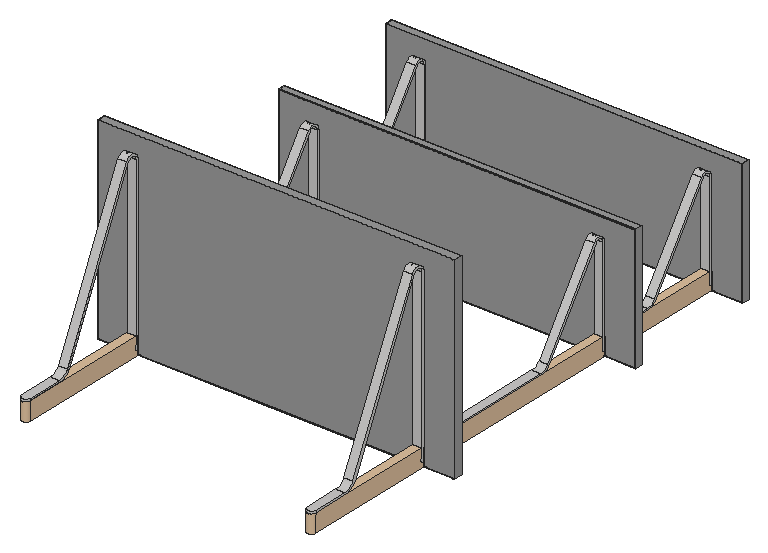
Revit family "Artek_Shelving_Kaari Wall Shelf with Desk_Kaari REB013", category Furniture, host Face, Revit 2017
Family settings
  Host = Face
  OmniClass Number = 23.40.20.27
  OmniClass Title = Storage Shelving
  Cut with Voids When Loaded = No
  Shared = No
  Room Calculation Point = No
Parameters (values of type "Kaari Shelf with desk REB013")
  WarrantyStartDate [instance] = "n/a"
  WarrantyGuarantorParts = "n/a"
  WarrantyGuarantorLabor = "n/a"
  WarrantyDurationUnit = "Years"
  WarrantyDurationParts = "n/a"
  WarrantyDurationLabor = "n/a"
  WarrantyDescription = "n/a"
  VersionDate = "11/3/2020"  # constant formula
  Version = "1"  # constant formula
  Uniclass2015Reference = "Pr_40_30_78_77"
  Uniclass2015Description = "Shelf units"
  Uniclass2 = "Pr_40_30_78_77"
  URL = "https://www.artek.fi/en/products/kaari-wall-shelf-with-desk"
  Type Comments = ""
  TagNumber [instance] = "n/a"
  SustainabilityPerformance = "n/a"
  Style = "n/a"
  Size = "1000x1420x550 mm"
  ShelfTopMaterial = Melamine
  Shape = "Sculptured"
  SerialNumber [instance] = "n/a"
  Revision = "n/a"
  ReplacementCost = "n/a"
  ProductInformation = "n/a"
  Product data url = ""
  NominalWidth = 550 mm
  NominalHeight = 1000 mm
  NominalDepth = 1415.7 mm
  Name = "Kaari REB013"
  NBSReference = "45-35-80/310"
  NBSDescription = "Shelf units"
  ModelReference = "n/a"
  ModelNumber = "28503501"
  Model = "Kaari REB013"
  Material = "Wood/Steel"
  ManufacturerURL = "https://www.artek.fi/"
  ManufacturerName = "Artek"
  Manufacturer = "Artek"
  MainColor = "Black"
  LegsMaterial = Solid oak
  InstallationDate [instance] = "n/a"
  IfcExportType = "SHELF"  # constant formula
  IfcExportAs = "IfcFurnitureType"  # constant formula
  Grade = "n/a"
  Finish = "n/a"
  Features = "n/a"
  ExpectedLife = "n/a"
  DurationUnit = "Years"
  Designer = "Ronan & Erwan Bouroullec"
  Description = ""
  Default Elevation = 0 mm
  ConvergoRefNr = "0190-2009-0038-FI"  # constant formula
  Constituents = "n/a"
  Color = "Black"
  Collection = "Kaari Collection"
  CodePerformance = "n/a"
  Category = "Shelves"
  Brand = "Artek"
  Barcode [instance] = "n/a"
  BIMObjectName = "Artek_Shelving_Kaari Wall Shelf with Desk_Kaari REB013"  # constant formula
  Author = "Convergo AB"  # constant formula
  AssetType = "Movable"
  AssetIdentifier [instance] = "n/a"
  Assembly Code = ""
  AccessibilityPerformance = "n/a"
Reference planes
  plane 1 "Center (Front/Back)": y = 0
  plane 2: z = 0
  plane 3 "Center (Left/Right)": x = 0
  plane 4: y = 707.85
  plane 5: y = -707.85
  plane 6: x = -500
  plane 7: x = 500
  plane 8: z = 550
Dimensions and locks
  equal spacing: plane 5, plane 1 "Center (Front/Back)", plane 4
  "NominalDepth": plane 5 to plane 4
  equal spacing: plane 6, plane 3 "Center (Left/Right)", plane 7
  "NominalHeight": plane 6 to plane 7
  "NominalWidth": plane 8 to level
  aligned and locked: plane 2 to host face
  aligned and locked: level to host face
Automatic sketch dimensions
  host sketch curve to host sketch curve = 2438.4 mm  (x2)
Nested families
  nested 1: "kaari_shelf_reb013" at (0, -707.85, 0) x (-1, 0, 0) z (0, 1, 0), Legs <- "LegsMaterial", Shelf <- "ShelfTopMaterial", type "kaari_shelf_reb013"
    with ShelfFrame ABS, Shelf Melamine, LegsFrame Flat rolled steel, Legs Solid oak
Definition of nested family "kaari_shelf_reb013"
  Parameters (values of type "kaari_shelf_reb013")
    ShelfFrame [instance] = none
    Shelf [instance] = none
    LegsFrame [instance] = none
    Legs [instance] = none
    Default Elevation = 1219.2 mm
  Reference planes
    plane 1 "Center (Front/Back)": y = 0
    plane 2: z = 0
    plane 3 "Center (Left/Right)": x = 0
  Forms (mm)
    Extrusion 1, solid, material <- "Shelf", detail levels medium+fine
      sketch origin (0, 0, 0) x (1, 0, 0) y (0, 1, 0)
        loop
          line (-499, -349) -> (499, -349) -> (499, -1) -> (413.5, -1) -> (413.5, -51) -> (386.5, -51) -> (386.5, -1) -> (13.5, -1) -> (-387.5, -1) -> (-387.5, -51) -> (-413.5, -51) -> (-413.5, -1) -> (-499, -1) -> (-499, -349)
      from 1393.73 to 1415.7
    Extrusion 2, solid, material <- "Legs", detail levels medium+fine
      sketch origin (0, 0, 0) x (1, 0, 0) y (0, 0, 1)
        loop
          arc (-412.5, 12.5) -> (-400, 0) -> (-387.5, 12.5) r 12.5
          line (-387.5, 12.5) -> (-387.5, 1415.7) -> (-412.5, 1415.7) -> (-412.5, 12.5)
        loop
          line (412.5, 12.5) -> (412.5, 1415.7) -> (387.5, 1415.7) -> (387.5, 12.5)
          arc (387.5, 12.5) -> (400, 0) -> (412.5, 12.5) r 12.5
      from 0 to 50
    Extrusion 3, solid, material <- "LegsFrame", detail levels medium+fine
      sketch origin (0, 0, 0) x (0, 1, 0) y (0, 0, 1)
        loop
          line (-298.43, 1361.03) -> (-65.793, 1198.135)
          arc (-65.793, 1198.135) -> (-56.39, 1187.413) -> (-53, 1173.56) r 30
          line (-53, 1173.56) -> (-53, 1019.7) -> (-288.129, 1019.7)
          arc (-288.129, 1019.7) -> (-305.257, 1007.141) -> (-298.43, 987.03) r 17.959
          line (-298.43, 987.03) -> (-65.793, 824.135)
          arc (-65.793, 824.135) -> (-56.39, 813.413) -> (-53, 799.56) r 30
          line (-53, 799.56) -> (-53, 387.7) -> (-491.085, 387.7)
          arc (-491.085, 387.7) -> (-510.572, 372.199) -> (-499.852, 349.724) r 20
          line (-499.852, 349.724) -> (-73.167, 141.615)
          arc (-73.167, 141.615) -> (-60.426, 130.143) -> (-55.7, 113.663) r 31.1
          line (-55.7, 113.663) -> (-55.7, 0) -> (-51.2, 0) -> (-51.2, 115.696)
          arc (-51.2, 115.696) -> (-56.25, 133.309) -> (-69.866, 145.569) r 33.236
          line (-69.866, 145.569) -> (-498.276, 354.518)
          arc (-498.276, 354.518) -> (-506.316, 371.374) -> (-491.7, 383) r 15
          line (-491.7, 383) -> (-26.77, 383)
          arc (-26.77, 383) -> (-24.939, 382.623) -> (-23.404, 381.555) r 4.641
          arc (-23.404, 381.555) -> (-13.897, 385.35) -> (-23.404, 389.145) r 5.511
          arc (-23.404, 389.145) -> (-24.939, 388.077) -> (-26.77, 387.7) r 4.641
          line (-26.77, 387.7) -> (-50, 387.7) -> (-50, 799.44)
          arc (-50, 799.44) -> (-53.755, 814.784) -> (-64.17, 826.661) r 33.23
          line (-64.17, 826.661) -> (-296.604, 989.413)
          arc (-296.604, 989.413) -> (-302.306, 1006.211) -> (-288, 1016.7) r 15
          line (-288, 1016.7) -> (-26.77, 1016.7)
          arc (-26.77, 1016.7) -> (-24.939, 1016.323) -> (-23.404, 1015.255) r 4.641
          arc (-23.404, 1015.255) -> (-16.026, 1018.2) -> (-23.404, 1021.145) r 4.277
          arc (-23.404, 1021.145) -> (-24.939, 1020.077) -> (-26.77, 1019.7) r 4.641
          line (-26.77, 1019.7) -> (-50, 1019.7) -> (-50, 1173.44)
          arc (-50, 1173.44) -> (-53.755, 1188.784) -> (-64.17, 1200.661) r 33.23
          line (-64.17, 1200.661) -> (-296.604, 1363.413)
          arc (-296.604, 1363.413) -> (-302.306, 1380.211) -> (-288, 1390.7) r 15
          line (-288, 1390.7) -> (-26.77, 1390.7)
          arc (-26.77, 1390.7) -> (-24.939, 1390.323) -> (-23.404, 1389.255) r 4.641
          arc (-23.404, 1389.255) -> (-16.026, 1392.2) -> (-23.404, 1395.145) r 4.277
          arc (-23.404, 1395.145) -> (-24.939, 1394.077) -> (-26.77, 1393.7) r 4.641
          line (-26.77, 1393.7) -> (-50, 1393.7) -> (-288.129, 1393.7)
          arc (-288.129, 1393.7) -> (-305.257, 1381.141) -> (-298.43, 1361.03) r 17.959
      from -412.5 to -387.5
    Extrusion 4, solid, material <- "ShelfFrame", detail levels medium+fine
      sketch origin (0, 0, 0) x (1, 0, 0) y (0, 1, 0)
        loop
          line (-500, 0) -> (-500, -350) -> (500, -350) -> (500, 0) -> (412.5, 0) -> (412.5, -50) -> (387.5, -50) -> (387.5, 0) -> (12.5, 0) -> (-387.5, 0) -> (-387.5, -50) -> (-412.5, -50) -> (-412.5, 0) -> (-500, 0)
        loop
          line (-499, -1) -> (-499, -349) -> (499, -349) -> (499, -1) -> (413.5, -1) -> (413.5, -51) -> (386.5, -51) -> (386.5, -1) -> (13.5, -1) -> (-386.5, -1) -> (-386.5, -51) -> (-413.5, -51) -> (-413.5, -1) -> (-499, -1)
      from 1393.73 to 1415.7
    Extrusion 5, void
      sketch origin (0, 0, 0) x (1, 0, 0) y (0, 0, 1)
        loop
          line (-412.5, 12.5) -> (-416.007, 12.5) -> (-416.007, -2.5) -> (-386.007, -2.5) -> (-386.007, 12.5) -> (-387.5, 12.5)
          arc (-387.5, 12.5) -> (-400, 0) -> (-412.5, 12.5) r 12.5
      from 43.553 to 61.788
    Sweep 6, void
      path in 3D
        loop
          line (-500, 0, 1415.7) -> (-500, -350, 1415.7) -> (500, -350, 1415.7) -> (500, 0, 1415.7) -> (412.5, 0, 1415.7)
      profile origin (-500, -175, 1415.7) x (1, 0, 0) y (0, 0, 1)
        loop
          line (0, 0) -> (0, -1) -> (1, 0) -> (0, 0)
    Sweep 7, void
      path in 3D
        loop
          line (-500, -350, 1393.73) -> (-500, 0, 1393.73) -> (500, 0, 1393.73) -> (500, -350, 1393.73) -> (-500, -350, 1393.73)
      profile origin (0, -350, 1393.73) x (0, 1, 0) y (0, 0, -1)
        loop
          line (0, 0) -> (0, -1) -> (1, 0) -> (0, 0)
    Extrusion 8, solid, material <- "Shelf", detail levels medium+fine
      sketch origin (0, 0, 0) x (1, 0, 0) y (0, 1, 0)
        loop
          line (-499, -550) -> (499, -550) -> (499, -1) -> (413.5, -1) -> (413.5, -51) -> (386.5, -51) -> (386.5, -1) -> (13.5, -1) -> (-387.5, -1) -> (-387.5, -51) -> (-413.5, -51) -> (-413.5, -1) -> (-499, -1) -> (-499, -550)
      from 387.7 to 411.7
    Extrusion 9, solid, material <- "ShelfFrame", detail levels medium+fine
      sketch origin (0, 0, 0) x (1, 0, 0) y (0, 1, 0)
        loop
          line (-500, 0) -> (-500, -551) -> (500, -551) -> (500, 0) -> (412.5, 0) -> (412.5, -50) -> (387.5, -50) -> (387.5, 0) -> (12.5, 0) -> (-387.5, 0) -> (-387.5, -50) -> (-412.5, -50) -> (-412.5, 0) -> (-500, 0)
        loop
          line (-499, -1) -> (-499, -550) -> (499, -550) -> (499, -1) -> (413.5, -1) -> (413.5, -51) -> (386.5, -51) -> (386.5, -1) -> (13.5, -1) -> (-386.5, -1) -> (-386.5, -51) -> (-413.5, -51) -> (-413.5, -1) -> (-499, -1)
      from 387.7 to 411.7
    Sweep 10, void
      path in 3D
        loop
          line (-500, 0, 411.7) -> (-500, -551, 411.7) -> (500, -551, 411.7) -> (500, 0, 411.7) -> (412.5, 0, 411.7)
      profile origin (-500, -275.5, 411.7) x (1, 0, 0) y (0, 0, 1)
        loop
          line (0, 0) -> (0, -1) -> (1, 0) -> (0, 0)
    Extrusion 11, solid, material <- "Shelf", detail levels medium+fine
      sketch origin (0, 0, 0) x (1, 0, 0) y (0, 1, 0)
        loop
          line (-499, -349) -> (499, -349) -> (499, -1) -> (413.5, -1) -> (413.5, -51) -> (386.5, -51) -> (386.5, -1) -> (13.5, -1) -> (-387.5, -1) -> (-387.5, -51) -> (-413.5, -51) -> (-413.5, -1) -> (-499, -1) -> (-499, -349)
      from 1019.7 to 1041.7
    Extrusion 12, solid, material <- "ShelfFrame", detail levels medium+fine
      sketch origin (0, 0, 0) x (1, 0, 0) y (0, 1, 0)
        loop
          line (-500, 0) -> (-500, -350) -> (500, -350) -> (500, 0) -> (412.5, 0) -> (412.5, -50) -> (387.5, -50) -> (387.5, 0) -> (12.5, 0) -> (-387.5, 0) -> (-387.5, -50) -> (-412.5, -50) -> (-412.5, 0) -> (-500, 0)
        loop
          line (-499, -1) -> (-499, -349) -> (499, -349) -> (499, -1) -> (413.5, -1) -> (413.5, -51) -> (386.5, -51) -> (386.5, -1) -> (13.5, -1) -> (-386.5, -1) -> (-386.5, -51) -> (-413.5, -51) -> (-413.5, -1) -> (-499, -1)
      from 1019.7 to 1041.7
    Sweep 13, void
      path in 3D
        loop
          line (-500, 0, 1041.7) -> (-500, -350, 1041.7) -> (500, -350, 1041.7) -> (500, 0, 1041.7) -> (412.5, 0, 1041.7)
      profile origin (-500, -175, 1041.7) x (1, 0, 0) y (0, 0, 1)
        loop
          line (0, 0) -> (0, -1) -> (1, 0) -> (0, 0)
    Sweep 14, void
      path in 3D
        loop
          line (-500, -350, 1019.73) -> (-500, 0, 1019.73) -> (500, 0, 1019.73) -> (500, -350, 1019.73) -> (-500, -350, 1019.73)
      profile origin (0, -350, 1019.73) x (0, 1, 0) y (0, 0, -1)
        loop
          line (0, 0) -> (0, -1) -> (1, 0) -> (0, 0)
    Sweep 15, void
      path in 3D
        loop
          line (-500, -350, 1019.7) -> (-500, 0, 1019.7) -> (500, 0, 1019.7) -> (500, -350, 1019.7) -> (-500, -350, 1019.7)
      profile origin (0, -350, 1019.7) x (0, 1, 0) y (0, 0, -1)
        loop
          line (0, 0) -> (0, -1) -> (1, 0) -> (0, 0)
    Sweep 16, void
      path in 3D
        loop
          line (-500, 0, 387.7) -> (-500, -551, 387.7) -> (500, -551, 387.7) -> (500, 0, 387.7) -> (412.5, 0, 387.7)
      profile origin (-500, -275.5, 387.7) x (-1, 0, 0) y (0, 0, -1)
        loop
          line (0, 0) -> (-1, 0) -> (0, -1) -> (0, 0)
    Extrusion 17, solid, material <- "Shelf", detail levels coarse
      sketch origin (0, 0, 0) x (1, 0, 0) y (0, 1, 0)
        loop
          line (-500, 0) -> (-500, -551) -> (500, -551) -> (500, 0) -> (-500, 0)
      from 0 to 1415.7
    Extrusion 18, solid, material <- "LegsFrame", detail levels medium+fine
      sketch origin (0, 0, 0) x (0, 1, 0) y (0, 0, -1)
        loop
          arc (-298.43, -1361.03) -> (-305.257, -1381.141) -> (-288.129, -1393.7) r 17.959
          line (-288.129, -1393.7) -> (-50, -1393.7) -> (-26.77, -1393.7)
          arc (-26.77, -1393.7) -> (-24.939, -1394.077) -> (-23.404, -1395.145) r 4.641
          arc (-23.404, -1395.145) -> (-16.026, -1392.2) -> (-23.404, -1389.255) r 4.277
          arc (-23.404, -1389.255) -> (-24.939, -1390.323) -> (-26.77, -1390.7) r 4.641
          line (-26.77, -1390.7) -> (-288, -1390.7)
          arc (-288, -1390.7) -> (-302.306, -1380.211) -> (-296.604, -1363.413) r 15
          line (-296.604, -1363.413) -> (-64.17, -1200.661)
          arc (-64.17, -1200.661) -> (-53.755, -1188.784) -> (-50, -1173.44) r 33.23
          line (-50, -1173.44) -> (-50, -1019.7) -> (-26.77, -1019.7)
          arc (-26.77, -1019.7) -> (-24.939, -1020.077) -> (-23.404, -1021.145) r 4.641
          arc (-23.404, -1021.145) -> (-16.026, -1018.2) -> (-23.404, -1015.255) r 4.277
          arc (-23.404, -1015.255) -> (-24.939, -1016.323) -> (-26.77, -1016.7) r 4.641
          line (-26.77, -1016.7) -> (-288, -1016.7)
          arc (-288, -1016.7) -> (-302.306, -1006.211) -> (-296.604, -989.413) r 15
          line (-296.604, -989.413) -> (-64.17, -826.661)
          arc (-64.17, -826.661) -> (-53.755, -814.784) -> (-50, -799.44) r 33.23
          line (-50, -799.44) -> (-50, -387.7) -> (-26.77, -387.7)
          arc (-26.77, -387.7) -> (-24.939, -388.077) -> (-23.404, -389.145) r 4.641
          arc (-23.404, -389.145) -> (-13.897, -385.35) -> (-23.404, -381.555) r 5.511
          arc (-23.404, -381.555) -> (-24.939, -382.623) -> (-26.77, -383) r 4.641
          line (-26.77, -383) -> (-491.7, -383)
          arc (-491.7, -383) -> (-506.316, -371.374) -> (-498.276, -354.518) r 15
          line (-498.276, -354.518) -> (-69.866, -145.569)
          arc (-69.866, -145.569) -> (-56.25, -133.309) -> (-51.2, -115.696) r 33.236
          line (-51.2, -115.696) -> (-51.2, 0) -> (-55.7, 0) -> (-55.7, -113.663)
          arc (-55.7, -113.663) -> (-60.426, -130.143) -> (-73.167, -141.615) r 31.1
          line (-73.167, -141.615) -> (-499.852, -349.724)
          arc (-499.852, -349.724) -> (-510.572, -372.199) -> (-491.085, -387.7) r 20
          line (-491.085, -387.7) -> (-53, -387.7) -> (-53, -799.56)
          arc (-53, -799.56) -> (-56.39, -813.413) -> (-65.793, -824.135) r 30
          line (-65.793, -824.135) -> (-298.43, -987.03)
          arc (-298.43, -987.03) -> (-305.257, -1007.141) -> (-288.129, -1019.7) r 17.959
          line (-288.129, -1019.7) -> (-53, -1019.7) -> (-53, -1173.56)
          arc (-53, -1173.56) -> (-56.39, -1187.413) -> (-65.793, -1198.135) r 30
          line (-65.793, -1198.135) -> (-298.43, -1361.03)
      from -412.5 to -387.5
    Extrusion 19, void
      sketch origin (0, 0, 0) x (-1, 0, 0) y (0, 0, -1)
        loop
          arc (-412.5, -12.5) -> (-400, 0) -> (-387.5, -12.5) r 12.5
          line (-387.5, -12.5) -> (-386.007, -12.5) -> (-386.007, 2.5) -> (-416.007, 2.5) -> (-416.007, -12.5) -> (-412.5, -12.5)
      from 43.553 to 61.788
  Cuts and joins
    Sweep 6, Sweep 7, Sweep 10, Sweep 14, Sweep 15, Sweep 16 cuts Extrusion 2
    Extrusion 5, Extrusion 19 cuts Extrusion 3
    Sweep 6, Sweep 7, Sweep 10, Sweep 14, Sweep 15 cuts Extrusion 4
    Sweep 10, Sweep 13, Sweep 16 cuts Extrusion 9
    Sweep 13, Sweep 15 cuts Extrusion 12
    Extrusion 19 cuts Extrusion 18
  Lines and regions (mm)
    symbolic lines, detail levels medium+fine
      curve 1: line (0, 0, 1415.7) -> (-500, 0, 1415.7)
      curve 2: line (-500, 0, 1415.7) -> (-500, 0, 1393.7)
      curve 3: line (-500, 0, 1393.7) -> (-412.5, 0, 1393.7)
      curve 4: line (-412.5, 0, 1393.7) -> (-412.5, 0, 1041.7)
      curve 5: line (-412.5, 0, 1041.7) -> (-500, 0, 1041.7)
      curve 6: line (-500, 0, 1041.7) -> (-500, 0, 1019.7)
      curve 7: line (-500, 0, 1019.7) -> (-412.5, 0, 1019.7)
      curve 8: line (-412.5, 0, 1019.7) -> (-412.5, 0, 411.7)
      curve 9: line (-412.5, 0, 411.7) -> (-502, 0, 411.7)
      curve 10: line (-502, 0, 411.7) -> (-502, 0, 387.7)
      curve 11: line (-502, 0, 387.7) -> (-412.5, 0, 387.7)
      curve 12: line (-412.5, 0, 387.7) -> (-412.5, 0, 12.5)
      curve 13: arc (-412.5, 0, 12.5) -> (-400, 0, 0) -> (-387.5, 0, 12.5) r 12.5
      curve 14: line (-387.5, 0, 12.5) -> (-387.5, 0, 387.7)
      curve 15: line (-387.5, 0, 387.7) -> (-12.5, 0, 387.7)
      curve 23: line (0, -350, 1415.7) -> (0, 0, 1415.7)
      curve 24: line (0, 0, 1415.7) -> (0, 0, 0)
      curve 25: line (0, 0, 0) -> (0, -55.7, 0)
      curve 26: line (0, -55.7, 0) -> (0, -55.7, 113.663)
      curve 28: line (0, -550, 387.7) -> (0, -550, 411.7)
      curve 29: line (0, -550, 411.7) -> (0, -53, 411.7)
      curve 30: line (0, -53, 411.7) -> (0, -53, 799.56)
      curve 31: arc (0, -65.793, 824.135) -> (0, -56.39, 813.413) -> (0, -53, 799.56) r 30
      curve 32: line (0, -298.43, 987.03) -> (0, -65.793, 824.135)
      curve 33: arc (0, -288.129, 1019.7) -> (0, -305.257, 1007.141) -> (0, -298.43, 987.03) r 17.959
      curve 34: line (0, -288.129, 1019.7) -> (0, -350, 1019.7)
      curve 35: line (0, -350, 1019.7) -> (0, -350, 1041.7)
      curve 36: line (0, -350, 1041.7) -> (0, -53, 1041.7)
      curve 37: line (0, -53, 1041.7) -> (0, -53, 1173.561)
      curve 38: arc (0, -65.793, 1198.135) -> (0, -56.39, 1187.413) -> (0, -53, 1173.561) r 30
      curve 39: line (0, -298.43, 1361.03) -> (0, -65.793, 1198.135)
      curve 40: arc (0, -288.129, 1393.7) -> (0, -305.257, 1381.141) -> (0, -298.43, 1361.03) r 17.959
      curve 41: line (0, -288.129, 1393.7) -> (0, -350, 1393.7)
      curve 42: line (0, -350, 1393.7) -> (0, -350, 1415.7)
      curve 72: line (0, 0, 1415.7) -> (500, 0, 1415.7)
      curve 73: line (500, 0, 1415.7) -> (500, 0, 1393.7)
      curve 74: line (500, 0, 1393.7) -> (412.5, 0, 1393.7)
      curve 75: line (412.5, 0, 1393.7) -> (412.5, 0, 1041.7)
      curve 76: line (412.5, 0, 1041.7) -> (500, 0, 1041.7)
      curve 77: line (500, 0, 1041.7) -> (500, 0, 1019.7)
      curve 78: line (500, 0, 1019.7) -> (412.5, 0, 1019.7)
      curve 79: line (412.5, 0, 1019.7) -> (412.5, 0, 411.7)
      curve 80: line (412.5, 0, 411.7) -> (502, 0, 411.7)
      curve 81: line (502, 0, 411.7) -> (502, 0, 387.7)
      curve 82: line (502, 0, 387.7) -> (412.5, 0, 387.7)
      curve 83: line (412.5, 0, 387.7) -> (412.5, 0, 12.5)
      curve 84: arc (412.5, 0, 12.5) -> (400, 0, 0) -> (387.5, 0, 12.5) r 12.5
      curve 85: line (387.5, 0, 12.5) -> (387.5, 0, 387.7)
      curve 86: line (387.5, 0, 387.7) -> (-387.5, 0, 387.7)
      curve 95: arc (0, -73.167, 141.615) -> (0, -60.426, 130.143) -> (0, -55.7, 113.663) r 31.1
      curve 96: line (0, -499.852, 349.724) -> (0, -73.167, 141.615)
      curve 97: arc (0, -491.056, 387.7) -> (0, -510.569, 372.213) -> (0, -499.852, 349.724) r 20
      curve 105: line (0, -491.056, 387.7) -> (0, -550, 387.7)
      curve 106: line (-500, 0, 0) -> (-500, -550, 0)
      curve 107: line (-500, -550, 0) -> (500, -550, 0)
      curve 108: line (500, -550, 0) -> (500, 0, 0)
      curve 109: line (500, 0, 0) -> (-500, 0, 0)
      curve 132: line (-412.5, 0, 387.7) -> (-487.5, 0, 387.7)
    symbolic lines, detail levels fine
      curve 16: line (-412.5, 0, 1393.7) -> (0, 0, 1393.7)
      curve 17: line (-412.5, 0, 1041.7) -> (-500, 0, 1041.7)
      curve 18: line (-412.5, 0, 1019.7) -> (-500, 0, 1019.7)
      curve 19: line (-387.5, 0, 1393.7) -> (-387.5, 0, 1041.7)
      curve 20: line (-387.5, 0, 1019.7) -> (-387.5, 0, 411.7)
      curve 21: line (-412.5, 0, 411.7) -> (-502, 0, 411.7)
      curve 22: line (-412.5, 0, 387.7) -> (-502, 0, 387.7)
      curve 27: line (0, -279.893, 387.7) -> (0, -491.056, 387.7)
      curve 43: line (0, 0, 1393.7) -> (0, -288.129, 1393.7)
      curve 44: line (0, -288, 1390.7) -> (0, -26.77, 1390.7)
      curve 45: arc (0, -296.604, 1363.413) -> (0, -302.306, 1380.211) -> (0, -288, 1390.7) r 15
      curve 46: line (0, -64.17, 1200.661) -> (0, -296.604, 1363.413)
      curve 47: arc (0, -26.77, 1390.7) -> (0, -24.939, 1390.324) -> (0, -23.404, 1389.255) r 4.641
      curve 48: arc (0, -23.404, 1389.255) -> (0, -18.035, 1388.574) -> (0, -16.298, 1393.7) r 4.277
      curve 49: line (0, -50, 1390.7) -> (0, -50, 1041.7)
      curve 50: arc (0, -50, 1173.44) -> (0, -53.755, 1188.784) -> (0, -64.17, 1200.661) r 33.23
      curve 51: line (0, -53, 1041.7) -> (0, 0, 1041.7)
      curve 52: line (0, -288.129, 1019.7) -> (0, 0, 1019.7)
      curve 53: line (0, -288, 1016.708) -> (0, -25.999, 1016.708)
      curve 54: arc (0, -296.604, 989.413) -> (0, -302.306, 1006.211) -> (0, -288, 1016.7) r 15
      curve 55: line (0, -64.17, 826.661) -> (0, -296.604, 989.413)
      curve 56: arc (0, -25.999, 1016.708) -> (0, -24.563, 1016.223) -> (0, -23.359, 1015.303) r 4.655
      curve 57: arc (0, -23.359, 1015.303) -> (0, -18.046, 1014.62) -> (0, -16.348, 1019.7) r 4.217
      curve 58: line (0, -50, 1016.708) -> (0, -50, 411.7)
      curve 59: arc (0, -50, 799.44) -> (0, -53.755, 814.784) -> (0, -64.17, 826.661) r 33.23
      curve 60: line (0, -53, 411.7) -> (0, 0, 411.7)
      curve 61: line (0, -279.893, 387.7) -> (0, 0, 387.7)
      curve 62: line (0, -50, 383) -> (0, -50, 0)
      curve 71: line (0, 0, 1415.7) -> (0, 0, 1393.7)
      curve 87: line (412.5, 0, 1393.7) -> (0, 0, 1393.7)
      curve 88: line (412.5, 0, 1041.7) -> (-500, 0, 1041.7)
      curve 89: line (412.5, 0, 1019.7) -> (-500, 0, 1019.7)
      curve 90: line (387.5, 0, 1393.7) -> (387.5, 0, 1041.7)
      curve 91: line (387.5, 0, 1019.7) -> (387.5, 0, 411.7)
      curve 92: line (412.5, 0, 411.7) -> (-502, 0, 411.7)
      curve 93: line (412.5, 0, 387.7) -> (-502, 0, 387.7)
      curve 94: line (0, 0, 1415.7) -> (0, 0, 1393.7)
      curve 98: line (0, -491.7, 383) -> (0, -26.77, 383)
      curve 99: arc (0, -498.276, 354.518) -> (0, -506.316, 371.374) -> (0, -491.7, 383) r 15
      curve 100: line (0, -69.866, 145.569) -> (0, -498.276, 354.518)
      curve 101: arc (0, -51.2, 115.696) -> (0, -56.25, 133.309) -> (0, -69.866, 145.569) r 33.236
      curve 102: line (0, -51.2, 0) -> (0, -51.2, 115.696)
      curve 103: arc (0, -26.77, 383) -> (0, -24.939, 382.623) -> (0, -23.404, 381.555) r 4.641
      curve 104: arc (0, -23.404, 381.555) -> (0, -16.296, 380.802) -> (0, -14.423, 387.7) r 5.511
      curve 110: line (500, -350, 0) -> (-500, -350, 0)
      curve 131: line (-387.5, 0, 387.7) -> (-412.5, 0, 387.7)
    sketch lines
      curve 63: line (-500, 0, 1415.7) -> (-500, -350, 1415.7)
      curve 64: line (-500, -350, 1415.7) -> (500, -350, 1415.7)
      curve 65: line (500, -350, 1415.7) -> (500, 0, 1415.7)
      curve 66: line (500, 0, 1415.7) -> (412.5, 0, 1415.7)
      curve 67: line (500, -350, 1393.73) -> (-500, -350, 1393.73)
      curve 68: line (-500, -350, 1393.73) -> (-500, 0, 1393.73)
      curve 69: line (500, 0, 1393.73) -> (500, -350, 1393.73)
      curve 70: line (-500, 0, 1393.73) -> (500, 0, 1393.73)
      curve 111: line (-500, 0, 411.7) -> (-500, -551, 411.7)
      curve 112: line (-500, -551, 411.7) -> (500, -551, 411.7)
      curve 113: line (500, -551, 411.7) -> (500, 0, 411.7)
      curve 114: line (500, 0, 411.7) -> (412.5, 0, 411.7)
      curve 115: line (-500, 0, 1041.7) -> (-500, -350, 1041.7)
      curve 116: line (-500, -350, 1041.7) -> (500, -350, 1041.7)
      curve 117: line (500, -350, 1041.7) -> (500, 0, 1041.7)
      curve 118: line (500, 0, 1041.7) -> (412.5, 0, 1041.7)
      curve 119: line (500, -350, 1019.73) -> (-500, -350, 1019.73)
      curve 120: line (-500, -350, 1019.73) -> (-500, 0, 1019.73)
      curve 121: line (500, 0, 1019.73) -> (500, -350, 1019.73)
      curve 122: line (-500, 0, 1019.73) -> (500, 0, 1019.73)
      curve 123: line (500, -350, 1019.7) -> (-500, -350, 1019.7)
      curve 124: line (-500, -350, 1019.7) -> (-500, 0, 1019.7)
      curve 125: line (500, 0, 1019.7) -> (500, -350, 1019.7)
      curve 126: line (-500, 0, 1019.7) -> (500, 0, 1019.7)
      curve 127: line (-500, 0, 387.7) -> (-500, -551, 387.7)
      curve 128: line (-500, -551, 387.7) -> (500, -551, 387.7)
      curve 129: line (500, -551, 387.7) -> (500, 0, 387.7)
      curve 130: line (500, 0, 387.7) -> (412.5, 0, 387.7)
  Dimensions and locks
    aligned and locked: level to plane 2
  Automatic sketch dimensions
    curve 25 to level = 0 mm
    curve 51 to plane 1 "Center (Front/Back)" = 0 mm
    plane 1 "Center (Front/Back)" to curve 104 = 19.408 mm
    plane 1 "Center (Front/Back)" to curve 57 = 20.286 mm
    plane 1 "Center (Front/Back)" to curve 48 = 20.303 mm
    curve 53 to curve 57 = 5.712 mm
    curve 56 to curve 56 = 0.751 mm
    curve 44 to curve 48 = 6.466 mm
    curve 103 to curve 104 = 7.362 mm
    plane 1 "Center (Front/Back)" to curve 102 = 51.2 mm
    plane 1 "Center (Front/Back)" to curve 37 = 53 mm
    curve 30 to curve 98 = 26.23 mm
    curve 26 to curve 102 = 4.5 mm
    curve 46 to curve 37 = 11.17 mm
    curve 55 to curve 30 = 11.17 mm
    curve 39 to curve 46 = 1.623 mm
    curve 32 to curve 55 = 1.623 mm
    curve 100 to curve 26 = 14.166 mm
    curve 96 to curve 100 = 3.3 mm
    curve 38 to curve 37 = 30 mm
    curve 31 to curve 30 = 30 mm
    curve 50 to curve 38 = 0.23 mm
    curve 59 to curve 31 = 0.23 mm
    curve 101 to curve 96 = 11.269 mm
    curve 95 to curve 101 = 2.364 mm
    curve 61 to curve 29 = 226.893 mm
    curve 45 to curve 47 = 261.231 mm
    curve 54 to curve 36 = 235 mm
    curve 43 to curve 44 = 0.129 mm
    curve 33 to curve 54 = 0.129 mm
    curve 55 to curve 33 = 8.475 mm
    curve 46 to curve 40 = 8.475 mm
    curve 32 to curve 54 = 1.826 mm
    curve 39 to curve 45 = 1.826 mm
    curve 34 to curve 32 = 51.57 mm
    curve 41 to curve 40 = 51.57 mm
    curve 27 to curve 27 = 211.163 mm
    curve 97 to curve 97 = 0.029 mm
    curve 99 to curve 97 = 0.616 mm
    curve 100 to curve 99 = 6.576 mm
    level to curve 96 = 349.724 mm
    curve 96 to curve 99 = 1.576 mm
    curve 105 to curve 99 = 58.3 mm
    level to curve 95 = 113.663 mm
    curve 95 to curve 101 = 2.034 mm
    curve 96 to curve 100 = 4.794 mm
    curve 99 to curve 97 = 13.182 mm
    curve 97 to curve 99 = 0.3 mm
    curve 103 to curve 98 = 4.641 mm
    curve 104 to curve 104 = 2.35 mm
    curve 62 to curve 60 = 28.7 mm
    curve 29 to curve 59 = 387.74 mm
    curve 59 to curve 31 = 0.12 mm
    curve 31 to curve 55 = 2.526 mm
    curve 55 to curve 32 = 160.369 mm
    curve 33 to curve 55 = 2.383 mm
    curve 54 to curve 54 = 12.287 mm
    curve 54 to curve 33 = 0.041 mm
    curve 56 to curve 57 = 7.586 mm
    curve 56 to curve 53 = 4.594 mm
    curve 57 to curve 57 = 1.507 mm
    curve 58 to curve 51 = 24.992 mm
    curve 36 to curve 50 = 131.74 mm
    curve 50 to curve 37 = 0.12 mm
    curve 38 to curve 46 = 2.526 mm
    curve 46 to curve 39 = 160.369 mm
    curve 40 to curve 46 = 2.383 mm
    curve 46 to curve 45 = 12.287 mm
    curve 45 to curve 40 = 0.041 mm
    curve 47 to curve 44 = 4.641 mm
    curve 48 to curve 48 = 1.5 mm
    curve 43 to curve 24 = 22 mm
    curve 104 to curve 104 = 4.985 mm
    curve 48 to curve 48 = 4.005 mm
    curve 57 to curve 57 = 3.939 mm
    curve 62 to curve 98 = 23.23 mm
    curve 34 to curve 54 = 0.129 mm
    curve 53 to curve 54 = 0 mm
    curve 94 to plane 3 "Center (Left/Right)" = 0 mm
    curve 131 to plane 3 "Center (Left/Right)" = 387.5 mm
    curve 13 to curve 14 = 12.5 mm
    curve 21 to curve 11 = 0 mm
    curve 5 to curve 7 = 0 mm
    curve 3 to curve 3 = 87.5 mm
    curve 89 to curve 7 = 87.5 mm
    curve 9 to curve 8 = 89.5 mm
    plane 3 "Center (Left/Right)" to curve 86 = 387.5 mm
    curve 85 to curve 84 = 12.5 mm
    plane 3 "Center (Left/Right)" to curve 74 = 412.5 mm
    curve 75 to curve 78 = 0 mm
    curve 78 to curve 77 = 87.5 mm
    curve 74 to curve 74 = 87.5 mm
    curve 79 to curve 81 = 89.5 mm
    level to curve 14 = 12.5 mm
    level to curve 83 = 12.5 mm
    curve 85 to curve 85 = 375.2 mm
    curve 81 to curve 80 = 24 mm
    curve 8 to curve 8 = 608 mm
    curve 77 to curve 77 = 22 mm
    curve 76 to curve 73 = 352 mm
    curve 16 to curve 72 = 22 mm
    curve 15 to plane 3 "Center (Left/Right)" = 12.5 mm
    curve 7 to curve 20 = 25 mm
    curve 19 to curve 20 = 0 mm
    curve 10 to curve 132 = 14.5 mm
    curve 90 to curve 75 = 25 mm
    curve 90 to curve 91 = 0 mm
    plane 1 "Center (Front/Back)" to curve 106 = 0 mm
    curve 106 to plane 3 "Center (Left/Right)" = 500 mm
    plane 3 "Center (Left/Right)" to curve 109 = 500 mm
    plane 1 "Center (Front/Back)" to curve 108 = 550 mm
    curve 107 to curve 110 = 200 mm
    Extrusion 1 sketch curve to plane 3 "Center (Left/Right)" = 499 mm
    Extrusion 1 sketch curve to Extrusion 1 sketch curve = 85.5 mm  (x2)
    Extrusion 1 sketch curve to Extrusion 1 sketch curve = 26 mm
    plane 1 "Center (Front/Back)" to Extrusion 1 sketch curve = 1 mm  (x3)
    plane 3 "Center (Left/Right)" to Extrusion 1 sketch curve = 13.5 mm
    Extrusion 1 sketch curve to Extrusion 1 sketch curve = 373 mm
    Extrusion 1 sketch curve to Extrusion 1 sketch curve = 27 mm
    Extrusion 1 sketch curve to Extrusion 1 sketch curve = 50 mm  (x2)
    Extrusion 1 sketch curve to Extrusion 1 sketch curve = 298 mm
    Extrusion 2 sketch curve to plane 3 "Center (Left/Right)" = 412.5 mm
    Extrusion 2 sketch curve to Extrusion 2 sketch curve = 12.5 mm  (x2)
    plane 3 "Center (Left/Right)" to Extrusion 2 sketch curve = 387.5 mm
    level to Extrusion 2 sketch curve = 12.5 mm  (x2)
    Extrusion 2 sketch curve to Extrusion 2 sketch curve = 1403.2 mm
    Extrusion 2 sketch curve to Extrusion 2 sketch curve = 0 mm
    Extrusion 3 sketch curve to level = 0 mm
    level to Extrusion 3 sketch curve = 349.724 mm
    plane 1 "Center (Front/Back)" to Extrusion 3 sketch curve = 499.852 mm
    Extrusion 3 sketch curve to Extrusion 3 sketch curve = 1.576 mm
    Extrusion 3 sketch curve to Extrusion 3 sketch curve = 6.576 mm
    Extrusion 3 sketch curve to Extrusion 3 sketch curve = 0.616 mm
    plane 1 "Center (Front/Back)" to Extrusion 3 sketch curve = 298.43 mm  (x2)
    Extrusion 3 sketch curve to Extrusion 3 sketch curve = 1.826 mm  (x2)
    Extrusion 3 sketch curve to Extrusion 3 sketch curve = 8.475 mm  (x2)
    Extrusion 3 sketch curve to Extrusion 3 sketch curve = 0.129 mm  (x2)
    plane 1 "Center (Front/Back)" to Extrusion 3 sketch curve = 86.8 mm
    Extrusion 3 sketch curve to Extrusion 3 sketch curve = 2.364 mm
    plane 1 "Center (Front/Back)" to Extrusion 3 sketch curve = 83.23 mm  (x2)
    Extrusion 3 sketch curve to Extrusion 3 sketch curve = 0.23 mm  (x2)
    Extrusion 3 sketch curve to Extrusion 3 sketch curve = 11.269 mm
    Extrusion 3 sketch curve to Extrusion 3 sketch curve = 3.3 mm
    Extrusion 3 sketch curve to Extrusion 3 sketch curve = 17.207 mm  (x2)
    Extrusion 3 sketch curve to Extrusion 3 sketch curve = 1.623 mm  (x2)
    plane 1 "Center (Front/Back)" to Extrusion 3 sketch curve = 55.7 mm
    plane 1 "Center (Front/Back)" to Extrusion 3 sketch curve = 53 mm
    Extrusion 3 sketch curve to Extrusion 3 sketch curve = 12.793 mm
    Extrusion 3 sketch curve to Extrusion 3 sketch curve = 4.5 mm
    plane 1 "Center (Front/Back)" to Extrusion 3 sketch curve = 50 mm
    Extrusion 3 sketch curve to Extrusion 3 sketch curve = 3 mm  (x3)
    Extrusion 3 sketch curve to Extrusion 3 sketch curve = 23.23 mm  (x3)
    Extrusion 3 sketch curve to Extrusion 3 sketch curve = 0 mm  (x6)
    Extrusion 3 sketch curve to Extrusion 3 sketch curve = 6.466 mm  (x2)
    Extrusion 3 sketch curve to Extrusion 3 sketch curve = 7.362 mm
    level to Extrusion 3 sketch curve = 113.663 mm
    Extrusion 3 sketch curve to Extrusion 3 sketch curve = 2.034 mm
    Extrusion 3 sketch curve to Extrusion 3 sketch curve = 4.794 mm
    Extrusion 3 sketch curve to Extrusion 3 sketch curve = 13.182 mm
    Extrusion 3 sketch curve to Extrusion 3 sketch curve = 0.3 mm
    Extrusion 3 sketch curve to Extrusion 3 sketch curve = 4.641 mm  (x6)
    Extrusion 3 sketch curve to Extrusion 3 sketch curve = 2.35 mm
    Extrusion 3 sketch curve to Extrusion 3 sketch curve = 4.7 mm
    Extrusion 3 sketch curve to Extrusion 3 sketch curve = 407.099 mm
    Extrusion 3 sketch curve to Extrusion 3 sketch curve = 27.221 mm  (x2)
    Extrusion 3 sketch curve to Extrusion 3 sketch curve = 0.12 mm  (x2)
    Extrusion 3 sketch curve to Extrusion 3 sketch curve = 2.383 mm  (x2)
    Extrusion 3 sketch curve to Extrusion 3 sketch curve = 12.287 mm  (x2)
    Extrusion 3 sketch curve to Extrusion 3 sketch curve = 0.041 mm  (x2)
    Extrusion 3 sketch curve to Extrusion 3 sketch curve = 1.5 mm  (x2)
    Extrusion 3 sketch curve to Extrusion 3 sketch curve = 153.74 mm
    plane 1 "Center (Front/Back)" to Extrusion 4 sketch curve = 0 mm  (x3)
    Extrusion 4 sketch curve to plane 3 "Center (Left/Right)" = 500 mm
    Extrusion 4 sketch curve to Extrusion 4 sketch curve = 1 mm  (x10)
    plane 1 "Center (Front/Back)" to Extrusion 4 sketch curve = 1 mm  (x3)
    Extrusion 4 sketch curve to Extrusion 4 sketch curve = 85.5 mm  (x2)
    Extrusion 4 sketch curve to Extrusion 4 sketch curve = 25 mm  (x2)
    plane 3 "Center (Left/Right)" to Extrusion 4 sketch curve = 12.5 mm
    Extrusion 4 sketch curve to Extrusion 4 sketch curve = 373 mm
    Extrusion 4 sketch curve to Extrusion 4 sketch curve = 49 mm  (x2)
    Extrusion 4 sketch curve to Extrusion 4 sketch curve = 298 mm
    Extrusion 5 sketch curve to level = 2.5 mm
    Extrusion 5 sketch curve to plane 3 "Center (Left/Right)" = 416.007 mm
    Extrusion 5 sketch curve to Extrusion 5 sketch curve = 3.507 mm
    Extrusion 5 sketch curve to Extrusion 5 sketch curve = 12.5 mm
    Extrusion 5 sketch curve to Extrusion 5 sketch curve = 1.493 mm
    level to Extrusion 5 sketch curve = 12.5 mm
    profile plane to Sweep 6 sketch curve = 0 mm
    Sweep 6 sketch curve to profile plane = 0 mm
    Sweep 6 sketch curve to profile plane = 1 mm  (x2)
    Sweep 7 sketch curve to profile plane = 0 mm
    profile plane to Sweep 7 sketch curve = 0 mm
    Sweep 7 sketch curve to profile plane = 1 mm  (x2)
    Extrusion 8 sketch curve to plane 3 "Center (Left/Right)" = 499 mm
    Extrusion 8 sketch curve to Extrusion 8 sketch curve = 85.5 mm
    Extrusion 8 sketch curve to Extrusion 8 sketch curve = 26 mm
    plane 1 "Center (Front/Back)" to Extrusion 8 sketch curve = 1 mm  (x3)
    plane 3 "Center (Left/Right)" to Extrusion 8 sketch curve = 13.5 mm
    Extrusion 8 sketch curve to Extrusion 8 sketch curve = 373 mm
    Extrusion 8 sketch curve to Extrusion 8 sketch curve = 27 mm
    plane 3 "Center (Left/Right)" to Extrusion 8 sketch curve = 499 mm
    Extrusion 8 sketch curve to Extrusion 8 sketch curve = 50 mm  (x2)
    Extrusion 8 sketch curve to Extrusion 8 sketch curve = 499 mm
    plane 1 "Center (Front/Back)" to Extrusion 9 sketch curve = 0 mm  (x3)
    Extrusion 9 sketch curve to plane 3 "Center (Left/Right)" = 500 mm
    Extrusion 9 sketch curve to Extrusion 9 sketch curve = 1 mm  (x10)
    plane 1 "Center (Front/Back)" to Extrusion 9 sketch curve = 1 mm  (x3)
    Extrusion 9 sketch curve to Extrusion 9 sketch curve = 85.5 mm
    Extrusion 9 sketch curve to Extrusion 9 sketch curve = 25 mm  (x2)
    plane 3 "Center (Left/Right)" to Extrusion 9 sketch curve = 12.5 mm
    Extrusion 9 sketch curve to Extrusion 9 sketch curve = 373 mm
    plane 3 "Center (Left/Right)" to Extrusion 9 sketch curve = 499 mm
    Extrusion 9 sketch curve to Extrusion 9 sketch curve = 49 mm  (x2)
    Extrusion 9 sketch curve to Extrusion 9 sketch curve = 499 mm
    profile plane to Sweep 10 sketch curve = 0 mm
    Sweep 10 sketch curve to profile plane = 0 mm
    Sweep 10 sketch curve to Sweep 10 sketch curve = 1 mm
    Sweep 10 sketch curve to profile plane = 1 mm
    Extrusion 11 sketch curve to plane 3 "Center (Left/Right)" = 499 mm
    Extrusion 11 sketch curve to Extrusion 11 sketch curve = 85.5 mm  (x2)
    Extrusion 11 sketch curve to Extrusion 11 sketch curve = 26 mm
    plane 1 "Center (Front/Back)" to Extrusion 11 sketch curve = 1 mm  (x3)
    plane 3 "Center (Left/Right)" to Extrusion 11 sketch curve = 13.5 mm
    Extrusion 11 sketch curve to Extrusion 11 sketch curve = 373 mm
    Extrusion 11 sketch curve to Extrusion 11 sketch curve = 27 mm
    Extrusion 11 sketch curve to Extrusion 11 sketch curve = 50 mm  (x2)
    Extrusion 11 sketch curve to Extrusion 11 sketch curve = 298 mm
    plane 1 "Center (Front/Back)" to Extrusion 12 sketch curve = 0 mm  (x3)
    Extrusion 12 sketch curve to plane 3 "Center (Left/Right)" = 500 mm
    Extrusion 12 sketch curve to Extrusion 12 sketch curve = 1 mm  (x10)
    plane 1 "Center (Front/Back)" to Extrusion 12 sketch curve = 1 mm  (x3)
    Extrusion 12 sketch curve to Extrusion 12 sketch curve = 85.5 mm  (x2)
    Extrusion 12 sketch curve to Extrusion 12 sketch curve = 25 mm  (x2)
    plane 3 "Center (Left/Right)" to Extrusion 12 sketch curve = 12.5 mm
    Extrusion 12 sketch curve to Extrusion 12 sketch curve = 373 mm
    Extrusion 12 sketch curve to Extrusion 12 sketch curve = 49 mm  (x2)
    Extrusion 12 sketch curve to Extrusion 12 sketch curve = 298 mm
    profile plane to Sweep 13 sketch curve = 0 mm
    Sweep 13 sketch curve to profile plane = 0 mm
    Sweep 13 sketch curve to profile plane = 1 mm  (x2)
    Sweep 14 sketch curve to profile plane = 0 mm
    profile plane to Sweep 14 sketch curve = 0 mm
    Sweep 14 sketch curve to profile plane = 1 mm  (x2)
    Sweep 15 sketch curve to profile plane = 0 mm
    profile plane to Sweep 15 sketch curve = 0 mm
    Sweep 15 sketch curve to profile plane = 1 mm  (x2)
    Sweep 16 sketch curve to profile plane = 0 mm  (x2)
    Sweep 16 sketch curve to Sweep 16 sketch curve = 1 mm
    Sweep 16 sketch curve to profile plane = 1 mm
    plane 1 "Center (Front/Back)" to Extrusion 17 sketch curve = 0 mm
    Extrusion 17 sketch curve to plane 3 "Center (Left/Right)" = 500 mm
    plane 3 "Center (Left/Right)" to Extrusion 17 sketch curve = 500 mm
    plane 1 "Center (Front/Back)" to Extrusion 17 sketch curve = 551 mm
    Extrusion 18 sketch curve to level = 0 mm
    level to Extrusion 18 sketch curve = 349.724 mm
    plane 1 "Center (Front/Back)" to Extrusion 18 sketch curve = 499.852 mm
    Extrusion 18 sketch curve to Extrusion 18 sketch curve = 1.576 mm
    Extrusion 18 sketch curve to Extrusion 18 sketch curve = 6.576 mm
    Extrusion 18 sketch curve to Extrusion 18 sketch curve = 0.616 mm
    plane 1 "Center (Front/Back)" to Extrusion 18 sketch curve = 298.43 mm  (x2)
    Extrusion 18 sketch curve to Extrusion 18 sketch curve = 1.826 mm  (x2)
    Extrusion 18 sketch curve to Extrusion 18 sketch curve = 8.475 mm  (x2)
    Extrusion 18 sketch curve to Extrusion 18 sketch curve = 0.129 mm  (x2)
    plane 1 "Center (Front/Back)" to Extrusion 18 sketch curve = 86.8 mm
    Extrusion 18 sketch curve to Extrusion 18 sketch curve = 2.364 mm
    plane 1 "Center (Front/Back)" to Extrusion 18 sketch curve = 83.23 mm  (x2)
    Extrusion 18 sketch curve to Extrusion 18 sketch curve = 0.23 mm  (x2)
    Extrusion 18 sketch curve to Extrusion 18 sketch curve = 11.269 mm
    Extrusion 18 sketch curve to Extrusion 18 sketch curve = 3.3 mm
    Extrusion 18 sketch curve to Extrusion 18 sketch curve = 17.207 mm  (x2)
    Extrusion 18 sketch curve to Extrusion 18 sketch curve = 1.623 mm  (x2)
    plane 1 "Center (Front/Back)" to Extrusion 18 sketch curve = 55.7 mm
    plane 1 "Center (Front/Back)" to Extrusion 18 sketch curve = 53 mm
    Extrusion 18 sketch curve to Extrusion 18 sketch curve = 12.793 mm
    Extrusion 18 sketch curve to Extrusion 18 sketch curve = 4.5 mm
    plane 1 "Center (Front/Back)" to Extrusion 18 sketch curve = 50 mm
    Extrusion 18 sketch curve to Extrusion 18 sketch curve = 3 mm  (x2)
    Extrusion 18 sketch curve to Extrusion 18 sketch curve = 23.23 mm  (x3)
    Extrusion 18 sketch curve to Extrusion 18 sketch curve = 0 mm  (x8)
    Extrusion 18 sketch curve to Extrusion 18 sketch curve = 6.466 mm  (x2)
    Extrusion 18 sketch curve to Extrusion 18 sketch curve = 7.362 mm
    Extrusion 18 sketch curve to Extrusion 18 sketch curve = 4.794 mm
    Extrusion 18 sketch curve to Extrusion 18 sketch curve = 13.182 mm
    Extrusion 18 sketch curve to Extrusion 18 sketch curve = 0.3 mm
    Extrusion 18 sketch curve to Extrusion 18 sketch curve = 4.641 mm  (x6)
    Extrusion 18 sketch curve to Extrusion 18 sketch curve = 2.35 mm
    Extrusion 18 sketch curve to Extrusion 18 sketch curve = 407.099 mm
    Extrusion 18 sketch curve to Extrusion 18 sketch curve = 0.12 mm  (x2)
    Extrusion 18 sketch curve to Extrusion 18 sketch curve = 2.383 mm  (x2)
    Extrusion 18 sketch curve to Extrusion 18 sketch curve = 12.287 mm  (x2)
    Extrusion 18 sketch curve to Extrusion 18 sketch curve = 0.041 mm  (x2)
    Extrusion 18 sketch curve to Extrusion 18 sketch curve = 1.5 mm  (x2)
    Extrusion 18 sketch curve to Extrusion 18 sketch curve = 153.74 mm
    level to Extrusion 18 sketch curve = 145.569 mm
    Extrusion 18 sketch curve to Extrusion 18 sketch curve = 3.953 mm
    level to Extrusion 19 sketch curve = 2.5 mm
    Extrusion 19 sketch curve to plane 3 "Center (Left/Right)" = 416.007 mm
    Extrusion 19 sketch curve to Extrusion 19 sketch curve = 3.507 mm
    Extrusion 19 sketch curve to Extrusion 19 sketch curve = 12.5 mm
    Extrusion 19 sketch curve to Extrusion 19 sketch curve = 1.493 mm
    Extrusion 19 sketch curve to level = 12.5 mm
